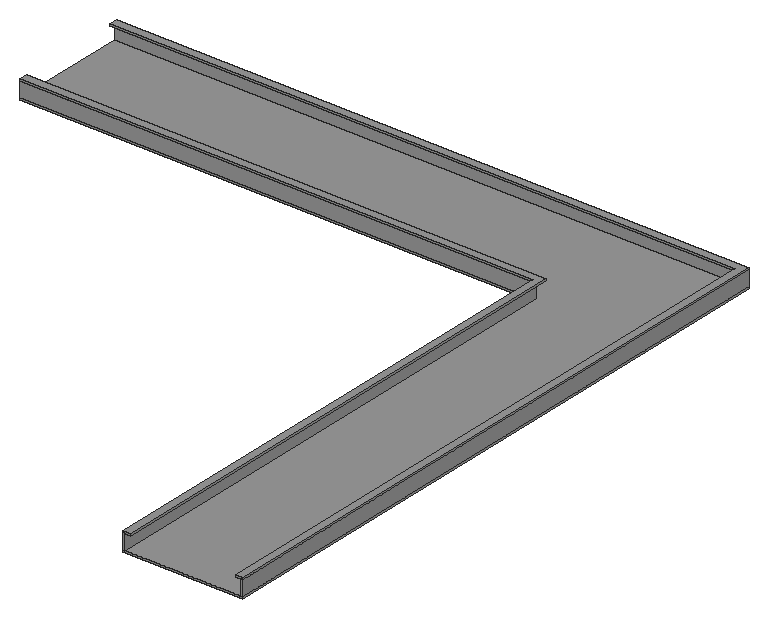
Revit family "Rapid_80_Geräteeinbaukanal_Stahlblech-Systeme_Kanalbreite_170mm_Kanalhöhe_70_und_90_aysymmetrisch_Flachwinkeloberteil", category Generic Models, Revit 2015
Parameters (values of type "GS-OTFRW")
  URL = "http://www.obo-bettermann.com"
  Material = Steel AISI 1008 91 HR
  Manufacturer Art.No. = "6279860"
  Manufacturer = "OBO Bettermann"
  GTIN = "4012195695936"
  Article Type = "GS-OTFRW"
Types (3, lengths in mm): name | Material | Manufacturer Art.No. | GTIN
  (no name) | Steel AISI 1008 91 HR | "6279860" | "4012195695936"
  GS-OTFRW | Steel AISI 1008 91 HR | "6279860" | "4012195695936"
  GT-OTGFRW | Plastic | "6274490" | "4012195656692"
Reference planes
  plane 1 "Center (Front/Back)": y = 0
  plane 2: z = 0
  plane 3 "Center (Left/Right)": x = 0
  plane 4: x = 37.803
  plane 5: x = -37.803
  plane 6: z = 11.7
  plane 7: z = 1
  plane 8: x = -36.803
  plane 9: x = 36.803
  plane 10: z = 10.7
  plane 11: z = 10.7
  plane 12: x = -33.303
  plane 13: x = 33.303
  plane 14: y = 400
  plane 15: x = -362.197
  plane 16: y = 324
  plane 17: y = 362
  plane 18: y = 325
  plane 19: y = 399
  plane 20: y = 395
  plane 21: y = 329
Forms (mm)
  Extrusion 1, solid, material "Steel AISI 1008 91 HR" <- "Material"
    sketch origin (0, 0, 0) x (1, 0, 0) y (0, 1, 0)
      loop
        line (37.803, 400) -> (-362.197, 400) -> (-362.197, 324) -> (-37.803, 324) -> (-37.803, 0) -> (37.803, 0) -> (37.803, 400)
    from 0 to 1
  Extrusion 2, solid, material "Steel AISI 1008 91 HR" <- "Material"
    sketch origin (0, 0, 0) x (1, 0, 0) y (0, 1, 0)
      loop
        line (36.803, 399) -> (36.803, 0) -> (37.803, 0) -> (37.803, 400) -> (-362.197, 400) -> (-362.197, 399) -> (36.803, 399)
      loop
        line (-36.803, 0) -> (-36.803, 325) -> (-362.197, 325) -> (-362.197, 324) -> (-37.803, 324) -> (-37.803, 0) -> (-36.803, 0)
    from 1 to 10.7
  Extrusion 3, solid, material "Steel AISI 1008 91 HR" <- "Material"
    sketch origin (0, 0, 0) x (1, 0, 0) y (0, 1, 0)
      loop
        line (-362.197, 400) -> (-362.197, 395) -> (33.303, 395) -> (33.303, 0) -> (37.803, 0) -> (37.803, 400) -> (-362.197, 400)
      loop
        line (-362.197, 329) -> (-362.197, 324) -> (-37.803, 324) -> (-37.803, 0) -> (-33.303, 0) -> (-33.303, 329) -> (-362.197, 329)
    from 10.7 to 11.7
Lines and regions (mm)
  model lines
    curve 1: line (-362.197, 400, 0) -> (-362.197, 324, 0)
    curve 2: line (-362.197, 324, 0) -> (-37.803, 324, 0)
    curve 3: line (-37.803, 324, 0) -> (-37.803, 0, 0)
    curve 4: line (-37.803, 0, 0) -> (37.803, 0, 0)
    curve 5: line (37.803, 0, 0) -> (37.803, 400, 0)
    curve 6: line (37.803, 400, 0) -> (-362.197, 400, 0)
Dimensions and locks
  locked: level to plane 6 at 11.7
  locked: level to plane 7 at 1
  locked: plane 9 to plane 4 at 1
  locked: plane 10 to plane 6 at 1
  locked: plane 11 to plane 6 at 1
  locked: plane 13 to plane 4 at 4.5
  locked: plane 5 to plane 12 at 4.5
  locked: plane 5 to plane 8 at 1
  locked: plane 5 to plane 4 at 75.605
  equal spacing: plane 5, plane 3 "Center (Left/Right)", plane 4
  locked: plane 14 to plane 1 "Center (Front/Back)" at 400
  locked: plane 15 to plane 4 at 400
  plane 14 to plane 16 = 76 mm
  equal spacing: plane 14, plane 17, plane 16
  locked: plane 14 to plane 19 at 1
  locked: plane 18 to plane 16 at 1
  locked: plane 14 to plane 20 at 5
  locked: plane 21 to plane 16 at 5
  aligned and locked: level to plane 2
  aligned and locked: plane 15 to curve 1
  aligned and locked: plane 16 to curve 2
  aligned and locked: plane 5 to curve 3
  aligned and locked: plane 1 "Center (Front/Back)" to curve 4
  aligned and locked: curve 5 to plane 4
  aligned and locked: plane 14 to curve 6
  aligned and locked: Extrusion 1 sketch curve to curve 6
  aligned and locked: Extrusion 1 sketch curve to curve 1
  aligned and locked: Extrusion 1 sketch curve to curve 2
  aligned and locked: Extrusion 1 sketch curve to curve 3
  aligned and locked: Extrusion 1 sketch curve to curve 4
  aligned and locked: Extrusion 1 sketch curve to curve 5
  aligned and locked: Extrusion 1 to level
  aligned and locked: Extrusion 1 to plane 7
  aligned and locked: Extrusion 2 sketch curve to plane 19
  aligned and locked: Extrusion 2 sketch curve to plane 15
  aligned and locked: Extrusion 2 sketch curve to curve 6
  aligned and locked: Extrusion 2 sketch curve to curve 5
  aligned and locked: Extrusion 2 sketch curve to curve 4
  aligned and locked: Extrusion 2 sketch curve to plane 9
  aligned and locked: Extrusion 2 sketch curve to plane 1 "Center (Front/Back)"
  aligned and locked: Extrusion 2 sketch curve to curve 3
  aligned and locked: Extrusion 2 sketch curve to curve 2
  aligned and locked: Extrusion 2 sketch curve to curve 1
  aligned and locked: plane 18 to Extrusion 2 sketch curve
  aligned and locked: plane 8 to Extrusion 2 sketch curve
  aligned and locked: Extrusion 2 to plane 7
  aligned and locked: Extrusion 2 to plane 10
  aligned and locked: Extrusion 3 sketch curve to curve 1
  aligned and locked: plane 20 to Extrusion 3 sketch curve
  aligned and locked: plane 13 to Extrusion 3 sketch curve
  aligned and locked: plane 1 "Center (Front/Back)" to Extrusion 3 sketch curve
  aligned and locked: Extrusion 3 sketch curve to curve 5
  aligned and locked: Extrusion 3 sketch curve to curve 6
  aligned and locked: plane 15 to Extrusion 3 sketch curve
  aligned and locked: Extrusion 3 sketch curve to curve 2
  aligned and locked: Extrusion 3 sketch curve to curve 3
  aligned and locked: Extrusion 3 sketch curve to curve 4
  aligned and locked: Extrusion 3 sketch curve to plane 12
  aligned and locked: Extrusion 3 sketch curve to plane 21
  aligned and locked: Extrusion 3 to plane 11
  aligned and locked: Extrusion 3 to plane 6
